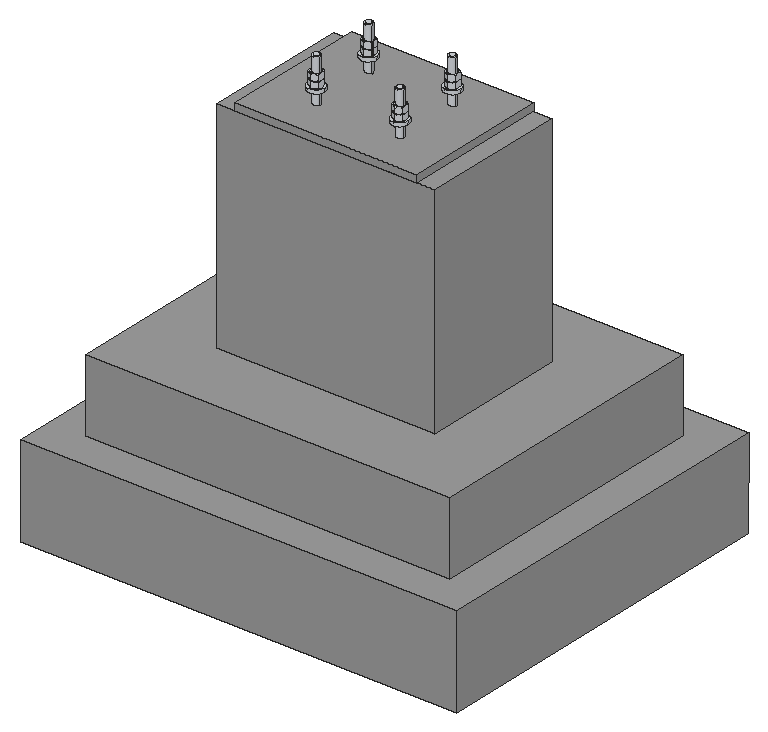
Revit family "ADSK_Фундамент_Монолитный_КолоннаМеталлическая_с_подливкой", category Фундамент несущей конструкции, Revit 2022 (continued)
Definition of nested family "ADSK_БолтФундаментный_Тип 1_ГОСТ 24379.1-2012"
  Definition of nested family "ADSK_Гайка_ГОСТ 5915-70"
    Dimensions and locks
      aligned and locked: plane 19 to Sweep 4 sketch curve
      aligned and locked: plane 2 to Sweep 5 sketch curve
    Automatic sketch dimensions
      plane 3 "По центру (Влево/Вправо)" to Sweep 4 sketch curve = 0 mm
      Sweep 4 sketch curve to plane 4 = 0 mm
      Sweep 1 sketch curve to profile plane = 0 mm  (x2)
      plane 4 to Revolve 2 sketch curve = 0.487 mm
      Revolve 2 sketch curve to Revolve 2 sketch curve = 513.705 mm
      Revolve 2 sketch curve to plane 15 = 2739.49 mm
      Revolve 3 sketch curve to plane 1 "По центру (Вперед/Назад)" = 0 mm
      plane 16 to Revolve 3 sketch curve = 2740.274 mm
      Sweep 4 sketch curve to profile plane = 0 mm  (x2)
      level to Revolve 3 sketch curve = 0.287 mm
      Revolve 3 sketch curve to Revolve 3 sketch curve = 512.921 mm
Types (5, lengths in mm): name | Ширина | Уступ 3_Ширина | Уступ 3_Длина | Уступ 2_Ширина | Уступ 2_Длина | Уступ 1_Ширина | Уступ 1_Длина | Уступ 1_Высота | Толщина подливки | Толщина опорной плиты | Смещение_Уступ 3 | Смещение_Уступ 2 | Расч_Уступ 3_Ширина | Расч_Уступ 3_Длина | Расч_Уступ 3_Высота | Расч_Уступ 2_Ширина | Расч_Уступ 2_Длина | Расч_Уступ 2_Высота | Расч_Плита_Количество уступов | Подливка_ширина | Подливка_Длина | Подколонник_Длина | Подколонник_Высота | Плита_Количество уступов | Длина | Видимость 1_Болты_Тип 5 | Видимость 1_Болты_Тип 1 | Болты_Тип.Исполнение | ADSK_Размер_Высота | ADSK_Наименование | ADSK_Марка метиза
  Фундамент_3 уступа_Тип 1 | 1200 | 800 | 800 | 1000 | 1000 | 1200 | 1200 | 200 | 50 | 30 | 200 | 200 | 800 | 800 | 200 | 1000 | 1000 | 200 | 3 | 280 | 330 | 400 | 500 | 3 | 1200 | no | yes | 1.1 | 1150 | "Фундамент с 3-мя уступами" | "Болт 1.1 М20x600"
  Фундамент_2 уступа_Тип 1 | 1200 | 800 | 800 | 1000 | 1000 | 1200 | 1200 | 300 | 20 | 50 | 0 | 200 | 1000 | 1000 | 200 | 1000 | 1000 | 200 | 2 | 280 | 330 | 400 | 500 | 2 | 1200 | no | yes | 1.1 | 1020 | "Фундамент с 2-мя уступами" | "Болт 1.1 М20x600"
  Фундамент_1 уступ_Тип 1 | 800 | 800 | 800 | 1000 | 1000 | 800 | 800 | 300 | 20 | 50 | 0 | 0 | 800 | 800 | 300 | 800 | 800 | 300 | 1 | 280 | 330 | 400 | 500 | 1 | 800 | yes | no | 5 | 820 | "Фундамент с 1-м уступом" | "Болт 5 М20x600"
  Фундамент_2 уступа_Тип 2 | 1000 | 600 | 800 | 800 | 1000 | 1000 | 1200 | 250 | 20 | 50 | 0 | 200 | 800 | 1000 | 200 | 800 | 1000 | 200 | 2 | 500 | 500 | 600 | 600 | 2 | 1200 | no | yes | 1.2 | 1070 | "Фундамент с 2-мя уступами" | "Болт 1.2 М20x600"
  Фундамент_2 уступа_Тип 3 | 1000 | 600 | 1000 | 800 | 1200 | 1000 | 1200 | 250 | 20 | 50 | 0 | 200 | 800 | 1200 | 200 | 800 | 1200 | 200 | 2 | 280 | 330 | 900 | 600 | 2 | 1200 | no | yes | 1.2 | 1070 | "Фундамент с 2-мя уступами" | "Болт 1.2 М20x600"
